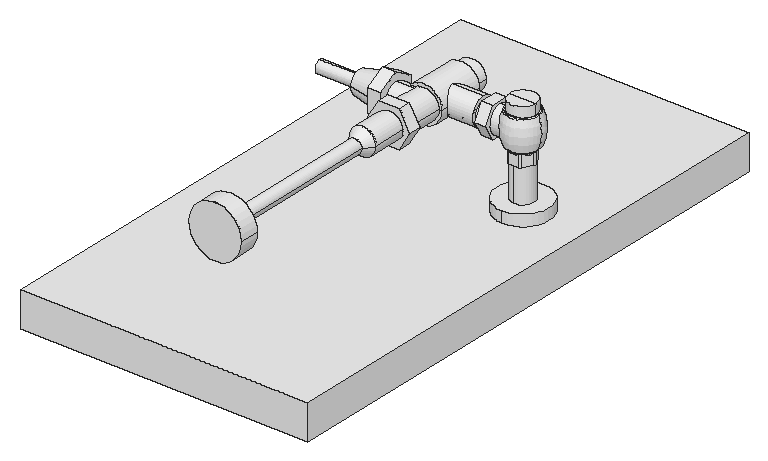
Revit family "Flush_Valve-Manual-Zurn-Exposed-Urinal-Z6203", category Plumbing Fixtures, host Face, Revit 2022
Family settings
  Host = Face
  Round Connector Dimension = Use Radius
  Part Type = Normal
  OmniClass Number = 23.45.05.14.99
  OmniClass Title = Other Sanitary Washing Plumbing Fixtures
  Cut with Voids When Loaded = No
  Maintain Annotation Orientation = No
  Shared = No
  Room Calculation Point = No
Parameters (values of type "Load Family Type Catalog")
  Waste Connection = 1 = 0  # no
  WFU = 0  # constant formula
  Vent Connection = 1 = 0  # no
  Valve Height [instance] = 16.00"
  Type Comments = "Z6203-3-WS1 (1.0 GPF, 27\" R-I)"
  Repair Parts URL = "https://files.zurn.com/care-cleaning-install-warranty-sheets/fv1116.pdf"
  Product data URL = "https://www.bimobject.com/en-us/zurnindustries/product/zurn_z6203"
  Product Page URL = "https://www.zurn.com/products/finish-plumbing/manual-flush-valves/piston/z6203"
  Product Installation Sheet URL = "https://files.zurn.com/care-cleaning-install-warranty-sheets/fv1116.pdf"
  Product Documentation Link = "https://files.zurn.com/spec-sheets/ss-z6203.pdf"
  Operating Water Pressure (PSI) = "25 – 80 PSI (172 – 552 kPa)"  # constant formula
  Modified Date = "07/04/2025"  # constant formula
  Max Working Water Temperature = 104 °F  # constant formula
  Manufacturer Brand = "Zurn"  # constant formula
  Main Material = Chrome-Plated Brass - Zurn - Polished
  Keynote = ""
  Inlet Connection Size (inch) = 1.00"  # constant formula
  HWFU = 0  # constant formula
  HW Connection = 1 = 0  # no
  Flush Rate (GPF) = "1.0 GPF"
  Enter Value of  Centerline of Flush Valve to Wall (2.25- 4.25) [instance] = 5.00"
  URL = "https://www.zurn.com/"
  Model = "Z6203AV"  # constant formula
  Manufacturer = "Zurn Water, LLC"  # constant formula
  Description = "Metroflush Piston-Operated Flush Valve  for Urinals"  # constant formula
  Default Elevation = 48.00"
  Date Created = "07/04/2025"  # constant formula
  Centerline of Stop Valve to Centerline of Flush Valve = 4.75"  # constant formula
  Centerline of Flush Valve to Wall [instance] = if([Enter Value of  Centerline of Flush Valve to Wall (2.25- 4.25)] < 2.25", 2.25", if([Enter Value of  Centerline of Flush Valve to Wall (2.25- 4.25)] > 4.25", 4.25", [Enter Value of  Centerline of Flush Valve to Wall (2.25- 4.25)]))  # 4.25"
  CWFU = 1  # constant formula
  CW Connection = 1 = 1  # yes
  Assembly Code = "D2010.60"
  Activation Method = "Manual Operated"  # constant formula
Reference planes (in)
  plane 1 "Center (Front/Back)": y = 0
  plane 2: z = 0
  plane 3 "Center (Left/Right)": x = 0
  plane 4: y = 0
  plane 5: x = 4.75
  plane 6: z = 4.25
  plane 7: z = 4.25
  plane 8: x = 1.44
  plane 9: z = 4.25
  plane 10: y = 22.38
  plane 11: x = -1.2
  plane 12: x = -1.5
  plane 13: y = 13.63
  plane 14: y = 13.13
  plane 15: y = 12.63
  plane 16: z = -2
  plane 17: y = 16
  plane 18: z = 0.625
  plane 19: y = 10.515
  plane 20: y = 9.95
Forms (in)
  Extrusion 1, solid, material "Chrome-Plated Brass - Zurn - Polished" <- "Main Material"
    sketch origin (20.08675, -5.08734, 0) x (1, 0, 0) y (0, 1, 0)
      loop
        line (-28.30267, 32.83734) -> (-28.30267, 1.43535) -> (-11.87083, 1.43535) -> (-11.87083, 32.83734) -> (-28.30267, 32.83734)
    from 0 to -2
  Revolve 2, solid, material "Chrome-Plated Brass - Zurn - Polished" <- "Main Material"
    sketch origin (3.14024, -180, 4.25) x (-1, 0, 0) y (0, -1, 0)
      loop
        line (3.14024, -192.63) -> (3.14024, -181.34) -> (2.76024, -181.34) -> (2.76024, -189.95) -> (2.39024, -190.515) -> (2.39024, -192.63) -> (3.14024, -192.63)
      axis (3.14024, -192.63) -> (3.14024, -181.34)
    angle from 0 to 360
  Extrusion 3, solid, material "Chrome-Plated Brass - Zurn - Polished" <- "Main Material"
    sketch origin (0, 18.18451, 4.25) x (0, 1, 0) y (-1, 0, 0)
      loop
        circle (-2.18451, -4.75) r 1.5
    from -3.625 to -4.25
  Extrusion 4, solid, material "Chrome-Plated Brass - Zurn - Polished" <- "Main Material"
    sketch origin (0, 18.18451, 4.25) x (0, 1, 0) y (-1, 0, 0)
      loop
        circle (-2.18451, -4.75) r 0.625
    from 0 to -3.625
  Extrusion 5, solid, material "Chrome-Plated Brass - Zurn - Polished" <- "Main Material", detail levels coarse+medium
    sketch origin (0, 0, 0) x (1, 0, 0) y (0, 0, 1)
      loop
        circle (0, 4.25) r 1.08
    from -13.63 to -12.63
Lines and regions (in)
  Masking region 1
    outline origin (0, 0, 0) x (1, 0, 0) y (0, 0, 1)
      loop
        line (-5.75, 3.91) -> (-3.5, 3.91) -> (-3.5, 3.611) -> (-2.14, 3.29702) -> (-2.14, 2.861) -> (-1.19852, 2.861)
        arc (-1.19852, 2.861) -> (0.38124, 2.45544) -> (1.65968, 3.4682) r 1.8346
        line (1.65968, 3.4682) -> (2.82524, 3.4682) -> (2.82524, 3.24) -> (3.67284, 3.24) -> (3.67284, 0.625) -> (3.25, 0.625) -> (3.25, 0) -> (6.25, 0) -> (6.25, 0.625) -> (5.84, 0.625) -> (5.84, 5.7) -> (3.66, 5.7) -> (3.66, 5.26) -> (2.82524, 5.26) -> (2.82524, 5.03116) -> (1.65999, 5.03116)
        arc (1.65999, 5.03116) -> (0.27399, 6.06403) -> (-1.35524, 5.48657) r 1.8346
        line (-1.35524, 5.48657) -> (-2.14, 5.48657) -> (-2.14, 5.20298) -> (-3.5, 4.889) -> (-3.5, 4.59) -> (-5.75, 4.59) -> (-5.75, 3.91)
  symbolic lines, detail levels fine
    curve 1: arc (16.13166, 1.53838, 0) -> (16.10438, 1.57544, 0) -> (16.06088, 1.56041, 0) r 0.03882
    curve 2: arc (16.01901, -1.49785, 0) -> (16.0878, -1.52321, 0) -> (16.13166, -1.46447, 0) r 0.06127
Dimensions and locks (in)
  locked: plane 4 to plane 1 "Center (Front/Back)"
  "Centerline of Stop Valve to Centerline of Flush Valve": plane 3 "Center (Left/Right)" to plane 5
  "Centerline of Flush Valve to Wall": plane 6 to Extrusion 1
  locked: plane 7 to plane 6
  locked: plane 3 "Center (Left/Right)" to plane 8 at 1.44
  locked: nested 2 to plane 9 at 1.45
  locked: nested 3 to Revolve 2 sketch curve at 0.75
  locked: plane 11 to plane 3 "Center (Left/Right)" at 1.2
  locked: plane 12 to plane 3 "Center (Left/Right)" at 1.5
  locked: plane 14 to plane 15 at 0.5
  equal spacing: Extrusion 1 sketch curve, plane 3 "Center (Left/Right)", Extrusion 1 sketch curve
  locked: Extrusion 1 sketch curve to Extrusion 1 sketch curve at 16.43183
  locked: plane 4 to Extrusion 1 sketch curve at 3.652
  locked: level to plane 16 at 2
  "Valve Height": plane 17 to plane 4
  locked: plane 18 to level at 0.625
  plane 15 to plane 19 = 2.115"
  locked: plane 15 to plane 20 at 2.68
  locked: Revolve 2 sketch curve to Revolve 2 sketch curve at 0.38
  locked: plane 13 to plane 14 at 0.5
  locked: plane 17 to plane 13 at 2.37
  equal spacing: Masking region 1 sketch curve, nested 3, Masking region 1 sketch curve  (x2)
  locked: Masking region 1 sketch curve to Masking region 1 sketch curve at 0.68
  Masking region 1 sketch curve to Masking region 1 sketch curve = 2.62557"
  equal spacing: Masking region 1 sketch curve, plane 5, Masking region 1 sketch curve  (x2)
  locked: Masking region 1 sketch curve to Masking region 1 sketch curve at 2.18
  locked: Masking region 1 sketch curve to Masking region 1 sketch curve at 3
  equal spacing: Masking region 1 sketch curve, plane 9, Masking region 1 sketch curve
  locked: Masking region 1 sketch curve to Masking region 1 sketch curve at 2.02
  aligned and locked: nested 1 to plane 3 "Center (Left/Right)"
  aligned and locked: nested 1 to plane 4
  aligned and locked: nested 1 to plane 7
  aligned and locked: nested 3 to plane 6
  aligned and locked: nested 3 to plane 3 "Center (Left/Right)"
  aligned and locked: plane 7 to plane 9
  aligned and locked: Revolve 2 sketch curve to plane 3 "Center (Left/Right)"
  aligned and locked: plane 17 to nested 2
  aligned and locked: plane 5 to Extrusion 3 sketch curve
  aligned and locked: plane 17 to Extrusion 3 sketch curve
  aligned and locked: Extrusion 3 to Extrusion 1
  aligned and locked: plane 18 to Extrusion 3
  aligned and locked: nested 2 to Extrusion 4 sketch curve
  aligned and locked: plane 17 to Extrusion 4 sketch curve
  aligned and locked: Extrusion 4 to Extrusion 3
  aligned and locked: Revolve 2 sketch curve to Revolve 2 sketch curve  (x2)
  aligned and locked: plane 20 to Revolve 2 sketch curve
  aligned and locked: plane 19 to Revolve 2 sketch curve
  aligned and locked: nested 3 to plane 17
  aligned and locked: nested 1 to Extrusion 5 sketch curve  (x2)
  aligned and locked: plane 13 to Extrusion 5
  aligned and locked: Extrusion 5 to plane 15
  aligned and locked: Masking region 1 sketch curve to nested 3  (x4)
  aligned and locked: nested 3 to Masking region 1 sketch curve  (x2)
  aligned and locked: Masking region 1 sketch curve to nested 2  (x3)
  aligned and locked: Extrusion 1 to Masking region 1 sketch curve
  aligned and locked: Masking region 1 sketch curve to Extrusion 3  (x2)
  aligned and locked: plane 3 "Center (Left/Right)" to Masking region 1 sketch curve
  aligned and locked: nested 1 to Masking region 1 sketch curve  (x3)
Automatic sketch dimensions
  plane 1 "Center (Front/Back)" to curve 2 = 1.46447"
  plane 5 to curve 2 = 11.32039"
  curve 2 to curve 1 = 0.02245"
  curve 1 to plane 1 "Center (Front/Back)" = 1.53838"
  curve 2 to curve 2 = 0.05138"
  curve 1 to curve 1 = 0.03196"
  curve 1 to curve 1 = 0.03882"
  curve 2 to curve 2 = 0.06127"
  Extrusion 1 sketch curve to Extrusion 1 sketch curve = 31.402"
  Revolve 2 sketch curve to plane 15 = 0.00"  (x2)
  Revolve 2 sketch curve to plane 1 "Center (Front/Back)" = 1.34"
  plane 1 "Center (Front/Back)" to Revolve 2 sketch curve = 0.69"
  plane 12 to Masking region 1 sketch curve = 0.14476"
  plane 11 to Masking region 1 sketch curve = 0.00148"
  plane 8 to Masking region 1 sketch curve = 0.21968"
  plane 8 to Masking region 1 sketch curve = 0.21999"
  Masking region 1 sketch curve to Masking region 1 sketch curve = 0.42284"
  Masking region 1 sketch curve to Masking region 1 sketch curve = 0.43602"
  Masking region 1 sketch curve to Masking region 1 sketch curve = 0.299"  (x2)
  Masking region 1 sketch curve to Masking region 1 sketch curve = 0.28359"
  radius of Extrusion 3 sketch curve = 1.50"
  radius of Extrusion 4 sketch curve = 0.625"
  radius of Extrusion 5 sketch curve = 1.08"
Nested families (in)
  nested 1: "1.Part_Tube_ genric" at (0, -3.28111, 4.25) x (-1, 0, 0) z (0, 1, 0), type "1.Part_Tube_ genric"
  nested 2: "3. Stop Valve" at (4.75, 16, 4.2375) x (-1, 0, 0) z (0, 0, 1), type "Family2"
  nested 3: "Z6200_ head" at (0, 13.063, 4.25) x (-1, 0, 0) z (0, 1, 0), type "Z6200_ head"
Connectors (in)
  piping at (4.75, 16, 0), diameter 2, driven by "Inlet Connection Size (inch)", driven by "CW Connection"
    settings: on Extrusion 3, index 1, connector inside diameter 24", connector length 0.00", flow factor 0, pipe flow 0 GPM, pressure drop 0.00 psi, fitting loss kfactor 0, connector angle 0.00°, fixture units 0, engagement length 0.00", angle of deflection 0.00°, flow configuration 0, flow direction 1, fitting loss method 0, system type 20, joint type 0, gender type 0, connector reference index -1, connector utility 1, adjustable connector no, is connector primary yes, connector description "Domestic water inlet"
Definition of nested family "1.Part_Tube_ genric"
  Parameters (values of type "1.Part_Tube_ genric")
    Default Elevation = 48.00"
  Reference planes (in)
    plane 1 "Center (Front/Back)": y = 0
    plane 2: z = 3.28111
    plane 3 "Center (Left/Right)": x = 0
    plane 4: x = -1.5
    plane 5: x = 1.5
    plane 6: z = 4.37111
    plane 7: z = 4.62111
  Forms (in)
    Extrusion 1, solid, detail levels fine
      sketch origin (0, 0, 3.28111) x (1, 0, 0) y (0, 1, 0)
        loop
          circle (0, 0) r 1.5
      from 0 to 1.09
    Extrusion 2, solid, detail levels fine
      sketch origin (0, 0, 3.28111) x (1, 0, 0) y (0, 1, 0)
        loop
          line (1.14898, -0.00001) -> (0.57452, 0.995) -> (-0.57453, 0.995) -> (-1.14898, 0.00001) -> (-0.57452, -0.995) -> (0.57453, -0.995) -> (1.14898, -0.00001)
      from 1.09 to 1.34
    Revolve 3, solid, detail levels coarse+medium
      sketch origin (0, 0, 0) x (1, 0, 0) y (0, 0, 1)
        loop
          line (-1.14898, 4.62111) -> (-1.14898, 4.37111) -> (-1.5, 4.37111) -> (-1.5, 3.28111) -> (0, 3.28111) -> (0, 4.62111) -> (-1.14898, 4.62111)
        axis (0, 4.62111) -> (0, 3.28111)
      angle from 0 to 360
  Dimensions and locks (in)
    equal spacing: plane 5, plane 3 "Center (Left/Right)", plane 4, locked at 1.5 each
    locked: plane 3 "Center (Left/Right)" to plane 4 at 1.5
    locked: plane 6 to level at 1.09
    locked: plane 7 to plane 6 at 0.25
    equal spacing: Extrusion 2 sketch curve, plane 1 "Center (Front/Back)", Extrusion 2 sketch curve
    locked: Extrusion 2 sketch curve to Extrusion 2 sketch curve at 1.99
    equal spacing: Extrusion 2 sketch curve, plane 3 "Center (Left/Right)", Extrusion 2 sketch curve  (x2)
    locked: Extrusion 2 sketch curve to Extrusion 2 sketch curve at 1.99011
    locked: Extrusion 2 sketch curve to Extrusion 2 sketch curve at 1.99009
    locked: Extrusion 2 sketch curve to Extrusion 2 sketch curve (angle 120.00°)  (x5)
    angle Extrusion 2 sketch curve to Extrusion 2 sketch curve = 120.00°
    aligned and locked: plane 2 to level
    aligned and locked: plane 3 "Center (Left/Right)" to Extrusion 1 sketch curve
    aligned and locked: plane 1 "Center (Front/Back)" to Extrusion 1 sketch curve
    aligned and locked: plane 6 to Extrusion 1
    aligned and locked: plane 7 to Extrusion 2
    aligned and locked: Extrusion 2 to Extrusion 1
    aligned and locked: Revolve 3 sketch curve to Extrusion 2
    aligned and locked: plane 6 to Revolve 3 sketch curve
    aligned and locked: Revolve 3 sketch curve to plane 4
    aligned and locked: Revolve 3 sketch curve to level
    aligned and locked: Revolve 3 sketch curve to plane 3 "Center (Left/Right)"  (x2)
    aligned and locked: Extrusion 2 to Revolve 3 sketch curve
  Automatic sketch dimensions
    Revolve 3 sketch curve to level = 0.41"
    plane 7 to Revolve 3 sketch curve = 0.50"
    radius of Extrusion 1 sketch curve = 1.50"
Definition of nested family "3. Stop Valve"
  Parameters (values of type "Family2")
    Default Elevation = 0.00"
  Reference planes (in)
    plane 1 "Center (Front/Back)": y = 0
    plane 2: z = 0
    plane 3 "Center (Left/Right)": x = 0
  Dimensions and locks (in)
    aligned and locked: plane 2 to level
  Nested families (in)
    nested 1: "Stop Valve_ plumbing Fixture_ Genric Template" at (0, 0, 0) x (-1, 0, 0) z (0, -1, 0), type "3.Part_ Stop Valve"
  Definition of nested family "Stop Valve_ plumbing Fixture_ Genric Template"
    Parameters (values of type "3.Part_ Stop Valve")
      Stop Body Finish = none
      Default Elevation = 48.00"
      Assembly Code = ""
    Reference planes (in)
      plane 1 "Center (Front/Back)": y = 0
      plane 2: z = 0
      plane 3 "Center (Left/Right)": x = 0
      plane 4: x = -3.1
      plane 5 "Middle Plane": z = 0
      plane 6: x = 0
      plane 7: x = -3.1
    Forms (in)
      Revolve 1, solid, material <- "Stop Body Finish", detail levels fine
        sketch origin (5.11008, 2.28141, 0) x (-1, 0, 0) y (0, -1, 0)
          loop
            line (4.36008, 3.18991) -> (4.25498, 3.18991)
            arc (4.25498, 3.18991) -> (4.22986, 3.18245) -> (4.21289, 3.16248) r 0.046
            arc (4.21289, 3.16248) -> (4.03022, 2.31942) -> (4.19363, 1.47241) r 2.15
            line (4.19363, 1.47241) -> (4.27508, 1.47241)
            arc (4.27508, 1.47241) -> (4.36347, 1.4358) -> (4.40008, 1.34741) r 0.125
            line (4.40008, 1.34741) -> (4.40008, 1.29134) -> (4.46008, 1.18741) -> (5.11008, 1.18741) -> (5.11008, 3.74391) -> (4.36008, 3.74391) -> (4.36008, 3.18991)
          axis (5.11008, 3.74391) -> (5.11008, 1.18741)
        angle from 0 to 360
      Revolve 2, solid, material <- "Stop Body Finish", detail levels fine
        sketch origin (5.11008, 2.29491, 0) x (-1, 0, 0) y (0, -1, 0)
          loop
            line (6.40484, 2.29491) -> (6.40484, 3.07741) -> (4.98008, 3.07741) -> (4.98008, 2.29491) -> (6.40484, 2.29491)
          axis (4.98008, 2.29491) -> (6.40484, 2.29491)
        angle from 0 to 360
      Extrusion 3, solid, material <- "Stop Body Finish", detail levels fine
        sketch origin (0, 0.96642, 0) x (1, 0, 0) y (0, 0, -1)
          loop
            line (-0.70575, -0.07761) -> (-0.42009, -0.57239)
            arc (-0.42009, -0.57239) -> (-0.355, -0.61488) -> (-0.28566, -0.65) r 0.71
            line (-0.28566, -0.65) -> (0.28566, -0.65)
            arc (0.28566, -0.65) -> (0.355, -0.61488) -> (0.42009, -0.57239) r 0.71
            line (0.42009, -0.57239) -> (0.70575, -0.07761)
            arc (0.70575, -0.07761) -> (0.71, 0) -> (0.70575, 0.07761) r 0.71
            line (0.70575, 0.07761) -> (0.42009, 0.57239)
            arc (0.42009, 0.57239) -> (0.355, 0.61488) -> (0.28566, 0.65) r 0.71
            line (0.28566, 0.65) -> (-0.28566, 0.65)
            arc (-0.28566, 0.65) -> (-0.355, 0.61488) -> (-0.42009, 0.57239) r 0.71
            line (-0.42009, 0.57239) -> (-0.70575, 0.07761)
            arc (-0.70575, 0.07761) -> (-0.71, 0) -> (-0.70575, -0.07761) r 0.71
        from 0 to 0.70508
      Extrusion 4, solid, material <- "Stop Body Finish", detail levels fine
        sketch origin (-1.29476, 0, 0) x (0, 0, -1) y (0, -1, 0)
          loop
            line (-0.50085, 0.8675) -> (-1.0017, 0) -> (-0.50085, -0.8675) -> (0.50085, -0.8675) -> (1.0017, 0) -> (0.50085, 0.8675) -> (-0.50085, 0.8675)
        from 0 to 0.63
      Extrusion 5, solid, detail levels fine
        sketch origin (-1.92476, 0, 0) x (0, 0, -1) y (0, -1, 0)
          loop
            circle (0, 0) r 0.6385
        from 0 to 1.17524
      Extrusion 6, solid, detail levels coarse+medium
        sketch origin (0, 0, 0) x (1, 0, 0) y (0, 0, 1)
          loop
            circle (0, 0) r 1.085
        from 1.4625 to -1.6715
      Revolve 7, solid, detail levels coarse+medium
        sketch origin (0, 0, 0) x (1, 0, 0) y (0, 1, 0)
          loop
            line (-3.1, 0) -> (0, 0) -> (0, 0.7825) -> (-1.29476, 0.7825) -> (-1.29476, 0.995) -> (-1.92476, 0.995) -> (-1.92476, 0.64096) -> (-3.1, 0.64096) -> (-3.1, 0)
          axis (-3.1, 0) -> (0, 0)
        angle from 0 to 360
    Cuts and joins
      joined: Revolve 1, Revolve 2, Extrusion 3, Extrusion 4
    Lines and regions (in)
      model lines, not visible
        curve 1: circle (0, -1.4625, 0) r 0.75 normal (0, -1, 0)
        curve 2: circle (0, 1.6715, 0.02784) r 0.71055 normal (0, -1, 0)
        curve 3: line (-1.29476, -0.7825, 0) -> (-0.93627, -0.7825, 0)
        curve 4: line (-0.93627, -0.7825, 0) -> (-0.89082, -0.9085, 0)
        curve 5: line (-0.75, -1.4625, 0) -> (-0.75, -0.9085, 0)
        curve 8: arc (0.86386, -0.9085, 0) -> (1.07581, -0.05543, 0) -> (0.91645, 0.809, 0) r 2.07986
        curve 9: line (0.71055, 1.6715, 0) -> (0.71055, 0.809, 0)
        curve 10: line (-0.71, 1.6715, 0) -> (-0.71, 0.809, 0)
        curve 11: line (-0.92722, 0.7825, 0) -> (-1.29476, 0.7825, 0)
      model lines, not visible, detail levels coarse+medium
        curve 6: line (0.75, -1.4625, 0) -> (0.75, -0.9085, 0)
        curve 7: line (0.75, -0.9085, 0) -> (0.86386, -0.9085, 0)
    Dimensions and locks (in)
      plane 3 "Center (Left/Right)" to plane 4 = 3.10"
      locked: plane 1 "Center (Front/Back)" to Revolve 7 sketch curve at 0.64096
      plane 1 "Center (Front/Back)" to Revolve 7 sketch curve = 0.995"
      locked: plane 5 "Middle Plane" to level
      locked: plane 6 to plane 3 "Center (Left/Right)"
      locked: plane 7 to plane 6 at 3.1
      aligned and locked: level to plane 2
      aligned and locked: plane 1 "Center (Front/Back)" to Extrusion 5 sketch curve
      aligned and locked: level to Extrusion 5 sketch curve
      aligned and locked: Extrusion 5 to plane 4
      aligned and locked: plane 3 "Center (Left/Right)" to Extrusion 6 sketch curve
      aligned and locked: level to Extrusion 6 sketch curve
      aligned and locked: Extrusion 6 to curve 2
      aligned and locked: Extrusion 6 to curve 1
      aligned and locked: Revolve 7 sketch curve to plane 3 "Center (Left/Right)"
      aligned and locked: plane 1 "Center (Front/Back)" to Revolve 7 sketch curve  (x2)
      aligned and locked: Revolve 7 sketch curve to cut or joined group of Revolve 1, Revolve 2, Extrusion 3, Extrusion 4  (x2)
      aligned and locked: Revolve 7 sketch curve to curve 11
      aligned and locked: plane 4 to Revolve 7 sketch curve
Definition of nested family "Z6200_ head"
  Parameters (values of type "Z6200_ head")
    Repair Parts URL = ""
    Product data URL = ""
    Product Weight (lbs) = 0
    Product Page URL = ""
    Product Installation Sheet URL = ""
    Product Documentation Link = ""
    Operating Water Pressure (PSI) = ""
    Modified Date = ""
    Max Working Water Temperature = -459.67 °F
    Manufacturer Brand = ""
    Main Material = none
    Inlet Connection Size (inch) = 0.00"
    Flush Rate (GPF) = ""
    Flow Rate (GPM) = 0 GPM
    Default Elevation = 48.00"
    Date Created = ""
    Aerator Flow Rate (GPM) = 0.0 gal
    Activation Method = ""
  Reference planes (in)
    plane 1 "Center (Front/Back)": y = 0
    plane 2: z = 0
    plane 3 "Center (Left/Right)": x = 0
    plane 4: z = 4.43
    plane 5: z = 5.237
    plane 6: z = 1.6
    plane 7: x = 1.45
    plane 8: x = 2.14
    plane 9: x = 3.5
    plane 10: x = 5.75
    plane 11: z = 2.937
    plane 12: x = -2.5
    plane 13: x = 1.0435
  Forms (in)
    Extrusion 1, solid, material <- "Main Material"
      sketch origin (0, 0, 0) x (1, 0, 0) y (0, 1, 0)
        loop
          circle (0, 0) r 0.817
      from 4.43 to 5.237
    Extrusion 2, solid, material <- "Main Material"
      sketch origin (0, 0, 0) x (0, 1, 0) y (0, 0, 1)
        loop
          circle (0, 1.6) r 0.764
      from 0 to 1.45
    Extrusion 3, solid, material <- "Main Material", detail levels coarse+medium
      sketch origin (0, 0, 0) x (0, 1, 0) y (0, 0, 1)
        loop
          circle (0, 1.6) r 0.639
      from 2.14 to 3.5
    Extrusion 4, solid, material <- "Main Material", detail levels coarse+medium
      sketch origin (0, 0, 0) x (0, 1, 0) y (0, 0, 1)
        loop
          circle (0, 1.6) r 1.0563
      from 2.14 to 1.45
    Revolve 5, solid, material <- "Main Material"
      sketch origin (0, 0, 0) x (1, 0, 0) y (0, 0, 1)
        loop
          line (0, 1.8) -> (1.0435, 1.8) -> (1.0435, 4.43) -> (0, 4.43) -> (0, 1.8)
        axis (0, 4.43) -> (0, 1.8)
      angle from 0 to 360
    Extrusion 6, solid, material <- "Main Material"
      sketch origin (0, 0, 0) x (1, 0, 0) y (0, 1, 0)
        loop
          circle (0, 0) r 0.8545
      from 0 to 1.8
    Extrusion 7, solid, material <- "Main Material", detail levels fine
      sketch origin (0, 0, 0) x (0, 1, 0) y (0, 0, 1)
        loop
          line (-0.61828, 2.6563) -> (-1.23657, 1.5854) -> (-0.61828, 0.5145) -> (0.61828, 0.5145) -> (1.23657, 1.5854) -> (0.61828, 2.6563) -> (-0.61828, 2.6563)
      from 1.45 to 2.14
    Extrusion 8, solid, material <- "Main Material"
      sketch origin (0, 0, 0) x (0, 1, 0) y (0, 0, 1)
        loop
          circle (0, 1.6) r 0.34
      from 3.5 to 5.75
    Extrusion 9, solid, material <- "Main Material"
      sketch origin (0, 0, 0) x (0, 1, 0) y (0, 0, 1)
        loop
          circle (0, 2.937) r 0.7813
      from -2.5 to 0
    Revolve 10, solid, material <- "Main Material", detail levels fine
      sketch origin (0, 0, 0) x (1, 0, 0) y (0, 0, 1)
        loop
          line (2.14, 1.6) -> (3.5, 1.6) -> (3.5, 2.239) -> (2.14, 2.53492) -> (2.14, 1.6)
        axis (2.14, 1.6) -> (3.5, 1.6)
      angle from 0 to 360
    Extrusion 11, solid, material <- "Main Material", detail levels fine
      sketch origin (0, 0, 0) x (1, 0, 0) y (0, 1, 0)
        loop
          line (-0.60247, 1.0435) -> (-1.20493, 0) -> (-0.60247, -1.0435) -> (0.60247, -1.0435) -> (1.20493, 0) -> (0.60247, 1.0435) -> (-0.60247, 1.0435)
      from 0 to -0.66946
  Dimensions and locks (in)
    plane 5 to plane 4 = 0.807"
    plane 6 to level = 1.60"  (x2)
    locked: plane 7 to plane 3 "Center (Left/Right)" at 1.45
    locked: plane 8 to plane 7 at 0.69
    plane 9 to plane 3 "Center (Left/Right)" = 3.50"
    locked: plane 10 to plane 3 "Center (Left/Right)" at 5.75
    plane 11 to level = 2.937"
    plane 3 "Center (Left/Right)" to plane 12 = 2.50"
    Extrusion 7 sketch curve to plane 6 to Extrusion 7 sketch curve = 1.0636" locked, 1.0782" locked
    Extrusion 7 sketch curve to plane 6 to Extrusion 7 sketch curve = 1.0563" locked, 1.0855"
    Extrusion 7 sketch curve to plane 6 to Extrusion 7 sketch curve = 1.0782" locked, 1.0636" locked
    plane 13 to plane 3 "Center (Left/Right)" = 1.0435"
    plane 4 to level = 4.43"
    radius of Extrusion 6 sketch curve = 0.8545"
    radius of Extrusion 8 sketch curve = 0.34"
    aligned and locked: plane 2 to level
    aligned and locked: Extrusion 1 to plane 4
    aligned and locked: plane 5 to Extrusion 1
    aligned and locked: Extrusion 6 to level
    aligned and locked: plane 7 to Extrusion 2
    aligned and locked: Extrusion 2 to plane 3 "Center (Left/Right)"
    aligned and locked: plane 8 to Extrusion 7
    aligned and locked: Extrusion 7 to Extrusion 2
    aligned and locked: plane 9 to Extrusion 3
    aligned and locked: Extrusion 3 to Extrusion 7
    aligned and locked: plane 10 to Extrusion 8
    aligned and locked: Extrusion 7 to Extrusion 4
    aligned and locked: plane 3 "Center (Left/Right)" to Extrusion 9
    aligned and locked: Extrusion 9 to plane 12
    aligned and locked: plane 3 "Center (Left/Right)" to Extrusion 1 sketch curve
    aligned and locked: plane 1 "Center (Front/Back)" to Extrusion 1 sketch curve
    aligned and locked: plane 6 to Revolve 10 sketch curve
    aligned and locked: Revolve 10 sketch curve to plane 9
    aligned and locked: plane 8 to Revolve 10 sketch curve
    aligned and locked: Revolve 10 sketch curve to plane 6
    aligned and locked: Extrusion 11 to Extrusion 6
Types in the file's own list only (12): name | Type Comments | Inlet Connection Size (inch) | Flush Rate (GPF) | Default Elevation | Centerline of Stop Valve to Centerline of Flush Valve
  Z6203-WS1 (1.0 GPF, 11-1/2") | "Z6203-WS1 (1.0 GPF, 11-1/2\" R-I)" | 1.00 " | "1.0 GPF" | 48.00 " | 4.75 "
  Z6203-EWS (0.5 GPF, 11-1/2") | "Z6203-EWS (0.5 GPF, 11-1/2\" R-I)" | 1.00 " | "0.5 GPF" | 48.00 " | 4.75 "
  Z6203-ULF (0.125 GPF, 11-1/2") | "Z6203-ULF (0.125 GPF, 11-1/2\" R-I)" | 1.00 " | "0.125 GPF" | 48.00 " | 4.75 "
  Z6203-1-ULF (0.125 GPF, 16" ) | "Z6203-1-ULF (0.125 GPF, 16\" R-I )" | 1.00 " | "0.125 GPF" | 48.00 " | 4.75 "
  Z6203-1-EWS (0.5 GPF, 16") | "Z6203-1-EWS (0.5 GPF, 16\" R-I)" | 1.00 " | "0.5 GPF" | 48.00 " | 4.75 "
  Z6203-1-WS1 (1.0 GPF, 16") | "Z6203-1-WS1 (1.0 GPF, 16\" R-I)" | 1.00 " | "1.0 GPF" | 48.00 " | 4.75 "
  Z6203-2-ULF (0.125 GPF, 24") | "Z6203-2-ULF (0.125 GPF, 24\" R-I)" | 1.00 " | "0.125 GPF" | 48.00 " | 4.75 "
  Z6203-2-EWS (0.5 GPF, 24") | "Z6203-2-EWS (0.5 GPF, 24\" R-I)" | 1.00 " | "0.5 GPF" | 48.00 " | 4.75 "
  Z6203-2-WS1 (1.0 GPF, 24") | "Z6203-2-WS1 (1.0 GPF, 24\" R-I)" | 1.00 " | "1.0 GPF" | 48.00 " | 4.75 "
  Z6203-3-EWS (0.5 GPF, 27") | "Z6203-3-EWS (0.5 GPF, 27\" R-I)" | 1.00 " | "0.5 GPF" | 48.00 " | 4.75 "
  Z6203-3-ULF (0.125 GPF, 27") | "Z6203-3-ULF (0.125 GPF, 27\" R-I)" | 1.00 " | "0.125 GPF" | 48.00 " | 4.75 "
  Z6203-3-WS1 (1.0 GPF, 27") | "Z6203-3-WS1 (1.0 GPF, 27\" R-I)" | 1.00 " | "1.0 GPF" | 48.00 " | 4.75 "
